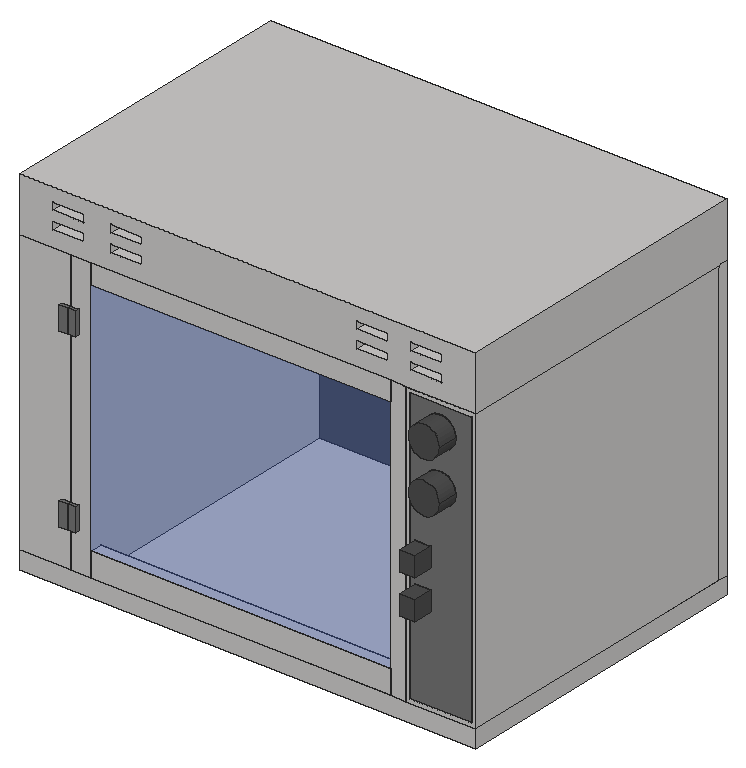
Revit family "QF_Vollrath_40704", category Specialty Equipment, Revit 2016
Family settings
  Part Type = Normal
  Round Connector Dimension = Use Diameter
  OmniClass Number = 23.40.40.14.17.11
  OmniClass Title = Cookers, Ovens, Stoves
  Work Plane-Based = No
  Always vertical = Yes
  Cut with Voids When Loaded = No
  Shared = No
  Room Calculation Point = No
Parameters (values of type "40704")
  Width = 15.80078"
  Weight in Pounds = 84
  Watts = 2700 W
  Watermarked By = "http://revitwatermark.com"
  Volts = 230 V
  URL Cutsheet = ""
  URL = "www.vollrathco.com"
  Status [instance] = ""
  Specification by User [instance] = ""
  Specification by Manufacturer = ""
  Serial Number [instance] = ""
  Seismic Rating [instance] = ""
  Revision Code [instance] = ""
  Phase = 1
  Number of Poles [instance] = 1
  NAFEM Spec ID Number [instance] = ""
  Model = "40704"
  Masterspec = ""
  Manufacturer = "Vollrath"
  Item Number [instance] = ""
  Installed By [instance] = ""
  Height AFF [instance] = 36.00"
  Furnished By [instance] = ""
  Foodservice Equipment Identifier [instance] = yes
  FL Amps = 12 A
  Electrical Remarks [instance] = ""
  Electric Connection Type [instance] = ""
  Elec Conn RI Height [instance] = 0.00"
  Elec Conn Connection Height = 2.00"
  Description = "Chicken Rotisserie Oven"
  Cycle = 60 Hz
  Conn Plug = "NEMA 6-15P"
  CSI MasterFormat = "11 42 13"
  Assembly Code = "E1090320"
  Apparent Power = if(Phase = 3, Volts * FL Amps * 1.73, Volts * FL Amps)  # 2760 VA
Reference planes (in)
  plane 1: z = 0
  plane 2 "LEFT": x = 48
  plane 3 "BACK": y = -48
  plane 4 "BOTTOM": z = 36
  plane 5 "RIGHT": x = 77.25
  plane 6 "FRONT": y = -68.0625
  plane 7: z = 59.125
  plane 8: x = 42
  plane 9: x = 83.25
  plane 10: y = -42
  plane 11: z = 37.5
  plane 12: y = -70.43078
  plane 13: y = -84.86
  plane 14: z = 55.59676
  plane 15: z = 52.66534
  plane 16: z = 51.16534
  plane 17: z = 41.41534
  plane 18: z = 39.91534
  plane 19: z = 36.38532
  plane 20: z = 54.3444
  plane 21: z = 39.03525
Forms (in)
  Extrusion 1, solid, material "QF_Finishes_Clearances", detail levels coarse
    sketch origin (0, 0, 0) x (1, 0, 0) y (0, 1, 0)
      loop
        line (48, -68.0625) -> (48, -48) -> (77.25, -48) -> (77.25, -68.0625) -> (83.25, -68.0625) -> (83.25, -42) -> (42, -42) -> (42, -68.0625) -> (48, -68.0625)
    from 36 to 59.125
  Extrusion 2, solid, material "QF_Finishes_Stainless Steel"
    sketch origin (0, 0, 0) x (1, 0, 0) y (0, 1, 0)
      loop
        line (48, -48) -> (48, -68.0625) -> (77.25, -68.0625) -> (77.25, -48) -> (48, -48)
    from 55.59676 to 59.125
  Extrusion 3, solid, material "QF_Finishes_Stainless Steel"
    sketch origin (0, -68.0625, 0) x (-1, 0, 0) y (0, 0, 1)
      loop
        line (-72.74056, 55.59676) -> (-77.25, 55.59676) -> (-77.25, 37.5) -> (-72.74056, 37.5) -> (-72.74056, 55.59676)
      loop
        line (-72.9831, 55.3444) -> (-76.9831, 55.3444) -> (-76.9831, 37.75858) -> (-72.9831, 37.75858) -> (-72.9831, 55.3444)
      loop
        circle (-74.92368, 53.75431) r 1
      loop
        circle (-74.92368, 50.50431) r 1
      loop
        line (-73.34277, 46.96569) -> (-74.34277, 46.96569) -> (-74.34277, 45.71569) -> (-73.34277, 45.71569) -> (-73.34277, 46.96569)
      loop
        line (-73.34277, 44.46569) -> (-74.34277, 44.46569) -> (-74.34277, 43.21569) -> (-73.34277, 43.21569) -> (-73.34277, 44.46569)
    from 0 to 19.47926
  Extrusion 4, solid, material "QF_Finishes_Stainless Steel"
    sketch origin (0, -68.0625, 0) x (-1, 0, 0) y (0, 0, 1)
      loop
        line (-71.75053, 55.59676) -> (-72.74056, 55.59676) -> (-72.74056, 37.5) -> (-71.75053, 37.5) -> (-71.75053, 55.59676)
    from 0 to 20.0625
  Extrusion 5, solid, material "QF_Finishes_Stainless Steel"
    sketch origin (0, -68.0625, 0) x (-1, 0, 0) y (0, 0, 1)
      loop
        line (-48, 55.59676) -> (-51.24267, 55.59676) -> (-51.24267, 37.5) -> (-48, 37.5) -> (-48, 55.59676)
    from 0 to 20.0625
  Extrusion 6, solid, material "QF_Finishes_Stainless Steel"
    sketch origin (0, -68.0625, 0) x (-1, 0, 0) y (0, 0, 1)
      loop
        line (-51.24267, 55.59676) -> (-52.51557, 55.59676) -> (-52.51557, 37.5) -> (-51.24267, 37.5) -> (-51.24267, 55.59676)
    from 0 to 20.0625
  Extrusion 7, solid, material "QF_Finishes_Dark Grey"
    sketch origin (0, -68.0625, 0) x (-1, 0, 0) y (0, 0, 1)
      loop
        line (-50.70895, 52.66534) -> (-51.24267, 52.66534) -> (-51.24267, 51.16534) -> (-50.70895, 51.16534) -> (-50.70895, 52.66534)
    from -0.26027 to 0
  Extrusion 8, solid, material "QF_Finishes_Dark Grey"
    sketch origin (0.53373, -68.0625, 0) x (-1, 0, 0) y (0, 0, 1)
      loop
        line (-50.70895, 52.66534) -> (-51.24267, 52.66534) -> (-51.24267, 51.16534) -> (-50.70895, 51.16534) -> (-50.70895, 52.66534)
    from -0.26027 to 0
  Extrusion 9, solid, material "QF_Finishes_Dark Grey"
    sketch origin (0, -68.0625, -11.25) x (-1, 0, 0) y (0, 0, 1)
      loop
        line (-50.70895, 52.66534) -> (-51.24267, 52.66534) -> (-51.24267, 51.16534) -> (-50.70895, 51.16534) -> (-50.70895, 52.66534)
    from -0.26027 to 0
  Extrusion 10, solid, material "QF_Finishes_Dark Grey"
    sketch origin (0.53373, -68.0625, -11.25) x (-1, 0, 0) y (0, 0, 1)
      loop
        line (-50.70895, 52.66534) -> (-51.24267, 52.66534) -> (-51.24267, 51.16534) -> (-50.70895, 51.16534) -> (-50.70895, 52.66534)
    from -0.26027 to 0
  Extrusion 11, solid, material "QF_Finishes_Stainless Steel"
    sketch origin (0, 0, 0) x (1, 0, 0) y (0, 1, 0)
      loop
        circle (49.24551, -49.2318) r 0.37805
    from 36 to 36.38532
  Extrusion 12, solid, material "QF_Finishes_Stainless Steel"
    sketch origin (26.75, 0, 0) x (1, 0, 0) y (0, 1, 0)
      loop
        circle (49.24551, -49.2318) r 0.37805
    from 36 to 36.38532
  Extrusion 13, solid, material "QF_Finishes_Stainless Steel"
    sketch origin (0, -17.75, 0) x (1, 0, 0) y (0, 1, 0)
      loop
        circle (49.24551, -49.2318) r 0.37805
    from 36 to 36.38532
  Extrusion 14, solid, material "QF_Finishes_Stainless Steel"
    sketch origin (26.75, -17.75, 0) x (1, 0, 0) y (0, 1, 0)
      loop
        circle (49.24551, -49.2318) r 0.37805
    from 36 to 36.38532
  Extrusion 15, solid, material "QF_Finishes_Stainless Steel"
    sketch origin (0, -68.0625, 0) x (-1, 0, 0) y (0, 0, 1)
      loop
        line (-48, 37.5) -> (-77.25, 37.5) -> (-77.25, 36.38532) -> (-48, 36.38532) -> (-48, 37.5)
    from 0 to 20.0625
  Extrusion 16, solid, material "QF_Finishes_Stainless Steel"
    sketch origin (0, -68.0625, 0) x (-1, 0, 0) y (0, 0, 1)
      loop
        line (-52.51557, 55.59676) -> (-71.75053, 55.59676) -> (-71.75053, 37.5) -> (-52.51557, 37.5) -> (-52.51557, 55.59676)
    from 20.0625 to 18.61461
  Extrusion 17, solid, material "QF_Finishes_Black"
    sketch origin (0, -68.0625, 0) x (-1, 0, 0) y (0, 0, 1)
      loop
        circle (-74.92368, 53.75431) r 1
      loop
        circle (-74.92368, 50.50431) r 1
      loop
        line (-73.34277, 46.96569) -> (-74.34277, 46.96569) -> (-74.34277, 45.71569) -> (-73.34277, 45.71569) -> (-73.34277, 46.96569)
      loop
        line (-73.34277, 44.46569) -> (-74.34277, 44.46569) -> (-74.34277, 43.21569) -> (-73.34277, 43.21569) -> (-73.34277, 44.46569)
    from -1.28148 to 12
  Extrusion 18, solid, material "QF_Finishes_Dark Grey"
    sketch origin (0, -68.0625, 0) x (-1, 0, 0) y (0, 0, 1)
      loop
        line (-76.9831, 55.3444) -> (-76.9831, 37.75858) -> (-72.9831, 37.75858) -> (-72.9831, 55.3444) -> (-76.9831, 55.3444)
      loop
        line (-74.34277, 44.46569) -> (-74.34277, 43.21569) -> (-73.34277, 43.21569) -> (-73.34277, 44.46569) -> (-74.34277, 44.46569)
      loop
        line (-74.34277, 45.71569) -> (-73.34277, 45.71569) -> (-73.34277, 46.96569) -> (-74.34277, 46.96569) -> (-74.34277, 45.71569)
      loop
        circle (-74.92368, 50.50431) r 1
      loop
        circle (-74.92368, 53.75431) r 1
    from 0 to 12.45716
  Extrusion 19, solid, material "QF_Finishes_Stainless Steel"
    sketch origin (0, -68.0625, 0) x (-1, 0, 0) y (0, 0, 1)
      loop
        line (-52.51557, 55.59676) -> (-71.75053, 55.59676) -> (-71.75053, 54.3444) -> (-52.51557, 54.3444) -> (-52.51557, 55.59676)
    from 0 to 0.78044
  Extrusion 20, solid, material "QF_Finishes_Stainless Steel"
    sketch origin (0, -68.0625, 0) x (-1, 0, 0) y (0, 0, 1)
      loop
        line (-52.51557, 39.03525) -> (-71.75053, 39.03525) -> (-71.75053, 37.5) -> (-52.51557, 37.5) -> (-52.51557, 39.03525)
    from 0 to 0.78044
  Extrusion 21, solid, material "QF_Finishes_Glass"
    sketch origin (0, -68.0625, 0) x (-1, 0, 0) y (0, 0, 1)
      loop
        line (-52.51557, 54.3444) -> (-71.75053, 54.3444) -> (-71.75053, 39.03525) -> (-52.51557, 39.03525) -> (-52.51557, 54.3444)
    from 0 to 0.78044
  Extrusion 22, solid, material "QF_Finishes_Black"
    sketch origin (0, -68.0625, 0) x (-1, 0, 0) y (0, 0, 1)
      loop
        line (-52.51557, 55.59676) -> (-71.75053, 55.59676) -> (-71.75053, 37.5) -> (-52.51557, 37.5) -> (-52.51557, 55.59676)
    from 18.33009 to 18.61461
  Extrusion 23, void
    sketch origin (0, -68.0625, 0) x (-1, 0, 0) y (0, 0, 1)
      loop
        line (-50.07467, 58.25989) -> (-52.07467, 58.25989) -> (-52.07467, 57.75989) -> (-50.07467, 57.75989) -> (-50.07467, 58.25989)
    from 0 to 12
  Extrusion 24, void
    sketch origin (0, -68.0625, -1.12572) x (-1, 0, 0) y (0, 0, 1)
      loop
        line (-50.07467, 58.25989) -> (-52.07467, 58.25989) -> (-52.07467, 57.75989) -> (-50.07467, 57.75989) -> (-50.07467, 58.25989)
    from 0 to 12
  Extrusion 25, void
    sketch origin (3.75, -68.0625, 0) x (-1, 0, 0) y (0, 0, 1)
      loop
        line (-50.07467, 58.25989) -> (-52.07467, 58.25989) -> (-52.07467, 57.75989) -> (-50.07467, 57.75989) -> (-50.07467, 58.25989)
    from 0 to 12
  Extrusion 26, void
    sketch origin (3.75, -68.0625, -1.12572) x (-1, 0, 0) y (0, 0, 1)
      loop
        line (-50.07467, 58.25989) -> (-52.07467, 58.25989) -> (-52.07467, 57.75989) -> (-50.07467, 57.75989) -> (-50.07467, 58.25989)
    from 0 to 12
  Extrusion 27, void
    sketch origin (23, -68.0625, 0) x (-1, 0, 0) y (0, 0, 1)
      loop
        line (-50.07467, 58.25989) -> (-52.07467, 58.25989) -> (-52.07467, 57.75989) -> (-50.07467, 57.75989) -> (-50.07467, 58.25989)
    from 0 to 12
  Extrusion 28, void
    sketch origin (23, -68.0625, -1.12572) x (-1, 0, 0) y (0, 0, 1)
      loop
        line (-50.07467, 58.25989) -> (-52.07467, 58.25989) -> (-52.07467, 57.75989) -> (-50.07467, 57.75989) -> (-50.07467, 58.25989)
    from 0 to 12
  Extrusion 29, void
    sketch origin (19.5, -68.0625, 0) x (-1, 0, 0) y (0, 0, 1)
      loop
        line (-50.07467, 58.25989) -> (-52.07467, 58.25989) -> (-52.07467, 57.75989) -> (-50.07467, 57.75989) -> (-50.07467, 58.25989)
    from 0 to 12
  Extrusion 30, void
    sketch origin (19.5, -68.0625, -1.12572) x (-1, 0, 0) y (0, 0, 1)
      loop
        line (-50.07467, 58.25989) -> (-52.07467, 58.25989) -> (-52.07467, 57.75989) -> (-50.07467, 57.75989) -> (-50.07467, 58.25989)
    from 0 to 12
  Extrusion 31, solid, material "QF_Finishes_Stainless Steel"
    sketch origin (0, -48, 0) x (1, 0, 0) y (0, 0, 1)
      loop
        line (77.25, 55.59676) -> (72.74056, 55.59676) -> (72.74056, 37.5) -> (77.25, 37.5) -> (77.25, 55.59676)
    from 0 to 0.58324
  Extrusion 32, solid, material "QF_Finishes_Stainless Steel"
    sketch origin (0, -48, 0) x (1, 0, 0) y (0, 0, 1)
      loop
        circle (54.55968, 39.91534) r 0.5
    from 0 to -0.86317
Cuts and joins
  Extrusion 23, Extrusion 24, Extrusion 25, Extrusion 26, Extrusion 27, Extrusion 28, Extrusion 29, Extrusion 30 cuts Extrusion 1
  Extrusion 23, Extrusion 24, Extrusion 25, Extrusion 26, Extrusion 27, Extrusion 28, Extrusion 29, Extrusion 30 cuts Extrusion 2
Lines and regions (in)
  symbolic lines
    curve 1: line (77.25, -48, 0) -> (48, -48, 0)
    curve 2: line (77.25, -68.0625, 0) -> (77.25, -48, 0)
    curve 3: line (48, -68.0625, 0) -> (77.25, -68.0625, 0)
    curve 4: line (48, -48, 0) -> (48, -68.0625, 0)
Dimensions and locks (in)
  plane 2 "LEFT" to plane 5 "RIGHT" = 29.25"  (x2)
  plane 6 "FRONT" to plane 3 "BACK" = 20.0625"  (x2)
  "Height AFF": plane 4 "BOTTOM" to level
  locked: plane 7 to plane 4 "BOTTOM" at 23.125
  plane 3 "BACK" to plane 10 = 6.00"
  plane 8 to plane 2 "LEFT" = 6.00"
  locked: plane 5 "RIGHT" to plane 9 at 6
  locked: plane 7 to plane 14 at 3.52824
  locked: plane 19 to plane 4 "BOTTOM" at 0.38532
  locked: plane 11 to plane 19 at 1.11468
  locked: plane 15 to plane 16 at 1.5
  locked: plane 17 to plane 18 at 1.5
  locked: plane 14 to plane 15 at 2.93142
  locked: plane 18 to plane 11 at 2.41534
  locked: plane 14 to plane 20 at 1.25236
  locked: plane 21 to plane 11 at 1.53525
  aligned and locked: level to plane 1
  aligned and locked: plane 7 to Extrusion 1
  aligned: Extrusion 1 to plane 4 "BOTTOM"
  aligned and locked: Extrusion 2 sketch curve to Extrusion 1  (x4)
  aligned and locked: plane 7 to Extrusion 2
  aligned and locked: Extrusion 2 to plane 14
  aligned: Extrusion 1 to plane 11
  aligned and locked: plane 14 to Extrusion 3 sketch curve
  aligned and locked: plane 14 to Extrusion 4 sketch curve
  aligned and locked: Extrusion 5 sketch curve to Extrusion 2
  aligned and locked: Extrusion 5 sketch curve to plane 11
  aligned and locked: Extrusion 5 to Extrusion 6 sketch curve
  aligned and locked: Extrusion 6 sketch curve to plane 11
  aligned and locked: plane 15 to Extrusion 7 sketch curve
  aligned and locked: Extrusion 5 to Extrusion 7 sketch curve
  aligned and locked: plane 15 to Extrusion 8
  aligned and locked: Extrusion 8 to plane 16
  aligned and locked: plane 17 to Extrusion 9
  aligned and locked: Extrusion 9 to plane 18
  aligned and locked: plane 17 to Extrusion 10
  aligned and locked: Extrusion 10 to plane 18
  aligned and locked: Extrusion 12 to plane 4 "BOTTOM"
  aligned and locked: Extrusion 14 to plane 4 "BOTTOM"
  aligned and locked: Extrusion 13 to plane 4 "BOTTOM"
  aligned and locked: Extrusion 11 to plane 4 "BOTTOM"
  aligned and locked: Extrusion 1 to plane 4 "BOTTOM"
  aligned and locked: plane 19 to Extrusion 13
  aligned and locked: plane 19 to Extrusion 11
  aligned and locked: Extrusion 4 sketch curve to plane 11
  aligned and locked: Extrusion 3 sketch curve to plane 11
  aligned and locked: plane 19 to Extrusion 14
  aligned and locked: plane 19 to Extrusion 12
  aligned and locked: Extrusion 15 sketch curve to Extrusion 5
  aligned and locked: Extrusion 15 sketch curve to plane 19
  aligned and locked: Extrusion 6 to Extrusion 16 sketch curve
  aligned and locked: Extrusion 4 to Extrusion 16 sketch curve
  aligned and locked: Extrusion 17 sketch curve to Extrusion 3  (x12)
  aligned and locked: Extrusion 18 sketch curve to Extrusion 17  (x4)
  aligned and locked: Extrusion 18 sketch curve to Extrusion 3  (x3)
  aligned and locked: Extrusion 19 sketch curve to Extrusion 16
  aligned and locked: Extrusion 19 sketch curve to plane 20
  aligned and locked: plane 21 to Extrusion 20 sketch curve
  aligned and locked: Extrusion 20 sketch curve to Extrusion 16
  aligned and locked: Extrusion 21 sketch curve to Extrusion 19
  aligned and locked: Extrusion 21 sketch curve to Extrusion 20
  aligned and locked: Extrusion 22 sketch curve to Extrusion 16  (x2)
  aligned and locked: Extrusion 31 sketch curve to cut or joined group of Extrusion 2, Extrusion 23, Extrusion 24, Extrusion 25, Extrusion 26, Extrusion 27, Extrusion 28, Extrusion 29, Extrusion 30
  aligned and locked: Extrusion 31 sketch curve to Extrusion 3
Automatic sketch dimensions
  Extrusion 1 sketch curve to plane 6 "FRONT" = 0.00"  (x2)
  Extrusion 1 sketch curve to plane 8 = 0.00"
  Extrusion 1 sketch curve to plane 2 "LEFT" = 0.00"
  Extrusion 1 sketch curve to plane 5 "RIGHT" = 0.00"
  Extrusion 1 sketch curve to plane 9 = 0.00"
  plane 3 "BACK" to Extrusion 1 sketch curve = 0.00"
  plane 10 to Extrusion 1 sketch curve = 0.00"
  Extrusion 3 sketch curve to plane 5 "RIGHT" = 0.00"
  Extrusion 3 sketch curve to plane 5 "RIGHT" = 0.2669"
  Extrusion 3 sketch curve to plane 16 = 0.66104"
  Extrusion 3 sketch curve to plane 5 "RIGHT" = 2.32632"  (x2)
  Extrusion 3 sketch curve to plane 20 = 0.5901"
  Extrusion 3 sketch curve to plane 5 "RIGHT" = 2.90723"
  Extrusion 3 sketch curve to Extrusion 3 sketch curve = 0.00"
  Extrusion 3 sketch curve to Extrusion 3 sketch curve = 1.00"  (x2)
  plane 11 to Extrusion 3 sketch curve = 0.25858"
  Extrusion 3 sketch curve to Extrusion 3 sketch curve = 4.00"
  Extrusion 3 sketch curve to Extrusion 3 sketch curve = 0.24254"
  plane 17 to Extrusion 3 sketch curve = 1.80034"
  Extrusion 3 sketch curve to Extrusion 3 sketch curve = 1.25"  (x3)
  Extrusion 3 sketch curve to plane 14 = 0.25236"
  Extrusion 4 sketch curve to plane 5 "RIGHT" = 4.50944"
  Extrusion 4 sketch curve to Extrusion 4 sketch curve = 0.99003"
  Extrusion 5 sketch curve to plane 2 "LEFT" = 0.00"
  plane 2 "LEFT" to Extrusion 5 sketch curve = 3.24267"
  plane 2 "LEFT" to Extrusion 6 sketch curve = 4.51557"
  Extrusion 6 sketch curve to Extrusion 6 sketch curve = 1.2729"
  Extrusion 7 sketch curve to plane 16 = 0.00"
  Extrusion 7 sketch curve to Extrusion 7 sketch curve = 0.53373"
  Extrusion 8 sketch curve to plane 15 = 0.00"
  Extrusion 8 sketch curve to plane 16 = 0.00"
  plane 2 "LEFT" to Extrusion 8 sketch curve = 3.7764"
  Extrusion 8 sketch curve to Extrusion 8 sketch curve = 0.53373"
  Extrusion 9 sketch curve to plane 17 = 0.00"
  Extrusion 9 sketch curve to plane 18 = 0.00"
  plane 2 "LEFT" to Extrusion 9 sketch curve = 3.24267"
  Extrusion 9 sketch curve to Extrusion 9 sketch curve = 0.53373"
  Extrusion 10 sketch curve to plane 17 = 0.00"
  Extrusion 10 sketch curve to plane 18 = 0.00"
  plane 2 "LEFT" to Extrusion 10 sketch curve = 3.7764"
  Extrusion 10 sketch curve to Extrusion 10 sketch curve = 0.53373"
  plane 2 "LEFT" to Extrusion 11 sketch curve = 1.24551"
  plane 3 "BACK" to Extrusion 11 sketch curve = 1.2318"
  Extrusion 12 sketch curve to plane 5 "RIGHT" = 1.25449"
  plane 3 "BACK" to Extrusion 12 sketch curve = 1.2318"
  plane 2 "LEFT" to Extrusion 13 sketch curve = 1.24551"
  plane 6 "FRONT" to Extrusion 13 sketch curve = 1.0807"
  Extrusion 14 sketch curve to plane 5 "RIGHT" = 1.25449"
  plane 6 "FRONT" to Extrusion 14 sketch curve = 1.0807"
  Extrusion 15 sketch curve to plane 5 "RIGHT" = 0.00"
  Extrusion 15 sketch curve to plane 2 "LEFT" = 0.00"
  Extrusion 16 sketch curve to plane 5 "RIGHT" = 5.49947"
  plane 2 "LEFT" to Extrusion 16 sketch curve = 4.51557"
  Extrusion 18 sketch curve to plane 5 "RIGHT" = 0.2669"
  Extrusion 18 sketch curve to plane 5 "RIGHT" = 2.90723"
  Extrusion 18 sketch curve to Extrusion 18 sketch curve = 0.00"
  Extrusion 18 sketch curve to Extrusion 18 sketch curve = 1.00"  (x2)
  plane 11 to Extrusion 18 sketch curve = 0.25858"
  Extrusion 18 sketch curve to Extrusion 18 sketch curve = 4.00"
  Extrusion 18 sketch curve to Extrusion 18 sketch curve = 1.25"
  Extrusion 18 sketch curve to plane 14 = 0.25236"
  Extrusion 19 sketch curve to plane 5 "RIGHT" = 5.49947"
  plane 2 "LEFT" to Extrusion 19 sketch curve = 4.51557"
  Extrusion 20 sketch curve to plane 5 "RIGHT" = 5.49947"
  plane 2 "LEFT" to Extrusion 20 sketch curve = 4.51557"
  Extrusion 21 sketch curve to plane 5 "RIGHT" = 5.49947"
  plane 2 "LEFT" to Extrusion 21 sketch curve = 4.51557"
  Extrusion 22 sketch curve to plane 5 "RIGHT" = 5.49947"
  plane 2 "LEFT" to Extrusion 22 sketch curve = 4.51557"
  Extrusion 23 sketch curve to plane 7 = 0.86511"
  plane 2 "LEFT" to Extrusion 23 sketch curve = 4.07467"
  Extrusion 23 sketch curve to Extrusion 23 sketch curve = 2.00"
  Extrusion 23 sketch curve to Extrusion 23 sketch curve = 0.50"
  plane 14 to Extrusion 24 sketch curve = 1.53742"
  plane 2 "LEFT" to Extrusion 24 sketch curve = 4.07467"
  Extrusion 24 sketch curve to Extrusion 24 sketch curve = 2.00"
  Extrusion 24 sketch curve to Extrusion 24 sketch curve = 0.50"
  Extrusion 25 sketch curve to plane 7 = 0.86511"
  plane 2 "LEFT" to Extrusion 25 sketch curve = 7.82467"
  Extrusion 25 sketch curve to Extrusion 25 sketch curve = 2.00"
  Extrusion 25 sketch curve to Extrusion 25 sketch curve = 0.50"
  plane 14 to Extrusion 26 sketch curve = 1.53742"
  plane 2 "LEFT" to Extrusion 26 sketch curve = 7.82467"
  Extrusion 26 sketch curve to Extrusion 26 sketch curve = 2.00"
  Extrusion 26 sketch curve to Extrusion 26 sketch curve = 0.50"
  Extrusion 27 sketch curve to plane 7 = 0.86511"
  Extrusion 27 sketch curve to plane 5 "RIGHT" = 2.17533"
  Extrusion 27 sketch curve to Extrusion 27 sketch curve = 2.00"
  Extrusion 27 sketch curve to Extrusion 27 sketch curve = 0.50"
  Extrusion 28 sketch curve to plane 5 "RIGHT" = 2.17533"
  Extrusion 28 sketch curve to Extrusion 28 sketch curve = 2.00"
  plane 14 to Extrusion 28 sketch curve = 1.03742"
  Extrusion 28 sketch curve to Extrusion 28 sketch curve = 0.50"
  Extrusion 29 sketch curve to plane 7 = 0.86511"
  Extrusion 29 sketch curve to plane 5 "RIGHT" = 5.67533"
  Extrusion 29 sketch curve to Extrusion 29 sketch curve = 2.00"
  Extrusion 29 sketch curve to Extrusion 29 sketch curve = 0.50"
  plane 14 to Extrusion 30 sketch curve = 1.53742"
  Extrusion 30 sketch curve to plane 5 "RIGHT" = 5.67533"
  Extrusion 30 sketch curve to Extrusion 30 sketch curve = 2.00"
  Extrusion 30 sketch curve to Extrusion 30 sketch curve = 0.50"
  Extrusion 31 sketch curve to plane 5 "RIGHT" = 0.00"
  Extrusion 31 sketch curve to Extrusion 31 sketch curve = 4.50944"
  Extrusion 32 sketch curve to plane 18 = 0.00"
  plane 2 "LEFT" to Extrusion 32 sketch curve = 6.55968"
  curve 2 to plane 5 "RIGHT" = 0.00"
  curve 2 to plane 6 "FRONT" = 0.00"
  plane 3 "BACK" to curve 1 = 0.00"
  curve 3 to plane 2 "LEFT" = 0.00"
  radius of Extrusion 3 sketch curve = 1.00"  (x2)
  radius of Extrusion 11 sketch curve = 0.37805"
  radius of Extrusion 12 sketch curve = 0.37805"
  radius of Extrusion 13 sketch curve = 0.37805"
  radius of Extrusion 14 sketch curve = 0.37805"
  radius of Extrusion 32 sketch curve = 0.50"
Connectors (in)
  electrical at (54.55968, -47.13683, 39.91534), driven by "Number of Poles", driven by "Volts", driven by "Apparent Power"
    settings: on Extrusion 32, index 1, voltage 230 V, apparent load 2760 VA, apparent load phase1 0 VA, apparent load phase2 0 VA, apparent load phase3 0 VA, power factor 1, load classification "Other", number of poles 1, system type 30, power factor state 1, is connector primary yes, connector utility no, sub classification motor no, connector description "Electric Connection"
